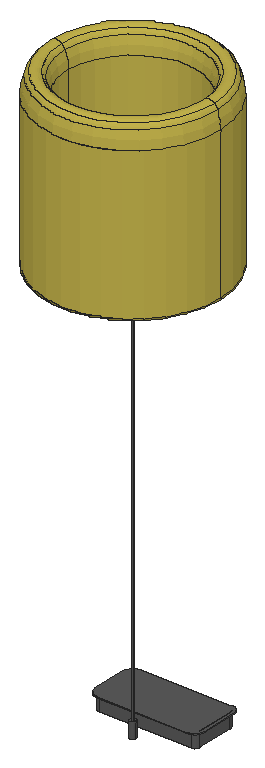
Revit family "Haworth_BuzziProp_Pendant", category Lighting Fixtures, host Face, Revit 2018
Family settings
  Host = Face
  Round Connector Dimension = Use Diameter
  Part Type = Normal
  Cut with Voids When Loaded = No
  Light Source = No
  Shared = No
  Room Calculation Point = No
Parameters (values of type "HCBZ-PRP")
  Warranty = "http://www.haworth.com/resources/product-info/warranties"
  Upholstery Finish [instance] = Haworth _ Fabric _ BFA_ Yellow BFA-24
  URL - Product = "https://www.haworth.com/products/lighting/acoustic/buzziprop"
  URL = "http://www.haworth.com/our-brands/haworth-collection"
  Trim Finish = Haworth _ Paint _ Collection Black
  Revision = "1"  # constant formula
  Note = "Verify Final Dim. w/ Haworth"  # constant formula
  Model = "HCBZ-PRP"  # constant formula
  Min. Cable Length = 10.00"  # constant formula
  Max. Cable Length = 196.85039"  # constant formula
  Manufacturer = "Haworth"  # constant formula
  Glass Finish = Haworth _ Glass _ Frosted
  Description = "Haworth BuzziProp LED Pendant Light"  # constant formula
  Default Elevation = 0.00"
  Cable Length [instance] = 41.00"
  Cable Finish [instance] = Haworth _ Paint _ Collection Black
  Author = "Haworth (Alias)"  # constant formula
  Assembly Code = "E2020200"
  Actual Width = 17.72"  # constant formula
  Actual Height = 17.72"  # constant formula
  Actual Depth = 17.72"  # constant formula
  Actual Cable Length [instance] = if(Cable Length > Max. Cable Length, Max. Cable Length, if(Cable Length < Min. Cable Length, Min. Cable Length, Cable Length))  # 41.00"
Reference planes (in)
  plane 1 "Center (Front/Back)": y = 0
  plane 2: z = 0
  plane 3 "Center (Left/Right)": x = 0
  plane 4 "Left": x = -8.86
  plane 5 "Right": x = 8.86
  plane 6 "Back": y = 8.86
  plane 7 "Front": y = -8.86
  plane 8 "Support Bottom": z = 1.51604
  plane 9 "Shade Bottom": z = 42.51604
  plane 10: z = 42.43771
  plane 11: y = 6.30044
  plane 12: y = 1.57511
  plane 13: x = -5.11911
  plane 14: x = 5.11911
  plane 15: z = 1.45698
Forms (in)
  Extrusion 1, solid, material "Haworth _ Paint _ Collection Black" <- "Trim Finish"
    sketch origin (0, 0, 0) x (1, 0, 0) y (0, 1, 0)
      loop
        circle (0, 0) r 0.29167
    from 0 to 1.51604
  Extrusion 2, solid, material "Haworth _ Paint _ Collection Black" <- "Cable Finish"
    sketch origin (0, 0, 0) x (1, 0, 0) y (0, 1, 0)
      loop
        circle (0, 0) r 0.07926
    from 1.51604 to 42.51604
  Extrusion 3, solid, material "Haworth _ Paint _ Collection Black" <- "Trim Finish"
    sketch origin (0, 0, 0) x (1, 0, 0) y (0, 1, 0)
      loop
        arc (-4.61911, 6.30044) -> (-4.97266, 6.154) -> (-5.11911, 5.80044) r 0.5
        line (-5.11911, 5.80044) -> (-5.11911, 2.07511)
        arc (-5.11911, 2.07511) -> (-4.97266, 1.72156) -> (-4.61911, 1.57511) r 0.5
        line (-4.61911, 1.57511) -> (4.61911, 1.57511)
        arc (4.61911, 1.57511) -> (4.97266, 1.72156) -> (5.11911, 2.07511) r 0.5
        line (5.11911, 2.07511) -> (5.11911, 5.80044)
        arc (5.11911, 5.80044) -> (4.97266, 6.154) -> (4.61911, 6.30044) r 0.5
        line (4.61911, 6.30044) -> (-4.61911, 6.30044)
    from 0 to 1.45698
  Extrusion 4, solid, material "Haworth _ Paint _ Collection Black" <- "Trim Finish"
    sketch origin (0, 0, 0) x (1, 0, 0) y (0, 1, 0)
      loop
        arc (-4.51911, 6.70044) -> (-5.22622, 6.40755) -> (-5.51911, 5.70044) r 1
        line (-5.51911, 5.70044) -> (-5.51911, 2.17511)
        arc (-5.51911, 2.17511) -> (-5.22622, 1.468) -> (-4.51911, 1.17511) r 1
        line (-4.51911, 1.17511) -> (4.51911, 1.17511)
        arc (4.51911, 1.17511) -> (5.22622, 1.468) -> (5.51911, 2.17511) r 1
        line (5.51911, 2.17511) -> (5.51911, 5.70044)
        arc (5.51911, 5.70044) -> (5.22622, 6.40755) -> (4.51911, 6.70044) r 1
        line (4.51911, 6.70044) -> (-4.51911, 6.70044)
    from 1.45698 to 1.51604
Dimensions and locks (in)
  "Actual Depth": plane 6 "Back" to plane 7 "Front"
  equal spacing: plane 6 "Back", plane 1 "Center (Front/Back)", plane 7 "Front"
  equal spacing: plane 4 "Left", plane 3 "Center (Left/Right)", plane 5 "Right"
  "Actual Width": plane 4 "Left" to plane 5 "Right"
  "Actual Cable Length": plane 9 "Shade Bottom" to plane 8 "Support Bottom"
  locked: plane 8 "Support Bottom" to plane 15 at 0.05906
  locked: plane 15 to plane 2 at 1.45698
  locked: plane 14 to Extrusion 4 sketch curve at 0.4
  locked: plane 11 to Extrusion 4 sketch curve at 0.4
  locked: Extrusion 4 sketch curve to plane 13 at 0.4
  locked: Extrusion 4 sketch curve to plane 12 at 0.4
  locked: plane 9 "Shade Bottom" to plane 10 at 0.07833
  radius of Extrusion 2 sketch curve = 0.07926"
  aligned and locked: plane 2 to host face
  aligned and locked: level to host face
  aligned and locked: plane 1 "Center (Front/Back)" to Extrusion 1 sketch curve
  aligned and locked: plane 3 "Center (Left/Right)" to Extrusion 1 sketch curve
  aligned and locked: Extrusion 1 to plane 2
  aligned and locked: plane 8 "Support Bottom" to Extrusion 1
  aligned and locked: plane 1 "Center (Front/Back)" to Extrusion 2 sketch curve
  aligned and locked: plane 3 "Center (Left/Right)" to Extrusion 2 sketch curve
  aligned and locked: Extrusion 2 to plane 8 "Support Bottom"
  aligned and locked: plane 9 "Shade Bottom" to Extrusion 2
  aligned and locked: Extrusion 3 sketch curve to plane 13
  aligned and locked: Extrusion 3 sketch curve to plane 14
  aligned and locked: Extrusion 3 sketch curve to plane 12
  aligned and locked: plane 11 to Extrusion 3 sketch curve
  aligned and locked: Extrusion 3 to plane 2
  aligned and locked: plane 15 to Extrusion 3
  aligned and locked: Extrusion 4 to plane 15
  aligned and locked: plane 8 "Support Bottom" to Extrusion 4
  aligned and locked: plane 3 "Center (Left/Right)" to nested 1
  aligned and locked: plane 1 "Center (Front/Back)" to nested 1
  aligned and locked: plane 10 to nested 1
Automatic sketch dimensions
  host sketch curve to host sketch curve = 96.00"  (x2)
  Extrusion 3 sketch curve to plane 13 = 0.50"
  plane 11 to Extrusion 3 sketch curve = 0.50"  (x2)
  Extrusion 3 sketch curve to plane 14 = 0.50"
  Extrusion 4 sketch curve to plane 13 = 0.60"
  Extrusion 4 sketch curve to plane 12 = 0.60"
  plane 11 to Extrusion 4 sketch curve = 0.60"  (x2)
  radius of Extrusion 1 sketch curve = 0.29167"
Nested families (in)
  nested 1: "Haworth_BuzziProp_Pendant_Part" at (0, 0, 42.43771), type "Pendant"
Definition of nested family "Haworth_BuzziProp_Pendant_Part"
  Parameters (values of type "Pendant")
    Wattage = 19 W
    Warranty = "http://www.haworth.com/resources/product-info/warranties"
    built-in parameter 1150110 = 1 (stored number, unit not read)
    Upholstery Finish = none
    URL - Product = "https://www.haworth.com/products/lighting/acoustic/buzziprop"
    URL = "http://www.haworth.com/our-brands/haworth-collection"
    Trim Finish = none
    built-in parameter 1114217 = 1 (stored number, unit not read)
    Tilt Angle = 90.00°
    built-in parameter 1150109 = 1 (stored number, unit not read)
    built-in parameter 1150134 = (empty or 0)
    built-in parameter 1150113 = 1 (stored number, unit not read)
    Size = "Verify Final Dim. w/ Haworth"  # constant formula
    Revision Number = "1"  # constant formula
    Photometric Web File = "generic"
    built-in parameter 1150142 = (empty or 0)
    Model = "HCBZ-PRP"  # constant formula
    Manufacturer = "Haworth"  # constant formula
    built-in parameter 1150105 = 119.45 (stored number, unit not read)
    Lumens = 1501 lm
    built-in parameter 1150115 = 1 (stored number, unit not read)
    built-in parameter 1150137 = (empty or 0)
    built-in parameter 1150139 = (empty or 0)
    built-in parameter 1150112 = 1 (stored number, unit not read)
    built-in parameter 1150114 = 1 (stored number, unit not read)
    built-in parameter 1150132 = (empty or 0)
    built-in parameter 1150102 = (empty or 0)
    built-in parameter 1150107 = 3000 (stored number, unit not read)
    built-in parameter 1150138 = (empty or 0)
    built-in parameter 1150106 = 1.1945 (stored number, unit not read)
    Glass Finish = none
    Emit from Circle Diameter = 24.00"
    Emit Shape Visible in Rendering = no
    built-in parameter 1150104 = 7.3393 (stored number, unit not read)
    Dimming Lamp Color Temperature Shift = (empty or 0)
    Description = "Haworth BuzziProp Pendant - Part"
    Color Filter = 16777215
    built-in parameter 1114218 = 1 (stored number, unit not read)
    Author = "Haworth(Alias)"  # constant formula
    built-in parameter 1150133 = 10 (stored number, unit not read)
    Actual Width = 17.72"  # constant formula
    Actual Height = 17.72"  # constant formula
    Actual Depth = 17.72"  # constant formula
  Reference planes (in)
    plane 1 "Light Source Axis (F/B)": y = 0
    plane 2 "Bottom": z = 0
    plane 3 "Light Source Axis (L/R)": x = 0
    plane 4 "Light Source Elevation": z = 8.97
    plane 5: y = 8.86
    plane 6: y = -8.86
    plane 7: x = 8.86
    plane 8: x = -8.86
    plane 9 "Top": z = 17.72
  Forms (in)
    Revolve 1, solid, material <- "Upholstery Finish"
      sketch origin (0, 0, 0) x (1, 0, 0) y (0, 0, 1)
        loop
          line (8.86742, 0.1906) -> (8.86742, 15.33558)
          arc (8.86742, 15.33558) -> (8.78513, 16.19031) -> (8.54128, 17.01364) r 4.48
          arc (8.54128, 17.01364) -> (8.40073, 17.26722) -> (8.203, 17.47926) r 1.18939
          arc (8.203, 17.47926) -> (7.68238, 17.66875) -> (7.16175, 17.47926) r 0.80994
          arc (7.16175, 17.47926) -> (6.96403, 17.26722) -> (6.82348, 17.01364) r 1.18939
          arc (6.82348, 17.01364) -> (6.57962, 16.19031) -> (6.49733, 15.33558) r 4.48
          line (6.49733, 15.33558) -> (6.49733, 0.40333)
          arc (6.49733, 0.40333) -> (6.55989, 0.25231) -> (6.7109, 0.18976) r 0.21357
          line (6.7109, 0.18976) -> (8.39048, 0.18976) -> (8.39048, 0.14797)
          arc (8.39048, 0.14797) -> (8.43382, 0.04334) -> (8.53845, 0) r 0.14797
          line (8.53845, 0) -> (8.67682, 0)
          arc (8.67682, 0) -> (8.81159, 0.05583) -> (8.86742, 0.1906) r 0.1906
        axis (0, 0) -> (0, 17.47926)
      angle from 0 to 360
    Revolve 2, solid, material <- "Glass Finish"
      sketch origin (0, 0, 0) x (1, 0, 0) y (0, 0, 1)
        loop
          line (0, 2.57882) -> (0.71841, 2.57882)
          arc (0.71841, 2.57882) -> (1.35905, 2.5951) -> (1.99751, 2.6503) r 10.53459
          arc (1.99751, 2.6503) -> (2.0124, 2.66161) -> (2.02629, 2.67413) r 0.22272
          arc (2.02629, 2.67413) -> (2.7351, 5.90643) -> (0, 7.76908) r 2.95451
          line (0, 7.76908) -> (0, 2.57882)
        axis (0, 7.76908) -> (0, 2.57882)
      angle from 0 to 360
    Extrusion 3, solid, material <- "Trim Finish"
      sketch origin (0, 0, 0) x (1, 0, 0) y (0, 1, 0)
        loop
          arc (1.48666, 0.07374) -> (1.46588, 0.25847) -> (1.42223, 0.43917) r 1.48849
          line (1.42223, 0.43917) -> (1.84897, 0.59449) -> (1.86811, 0.62183) -> (1.83076, 0.72445) -> (1.79853, 0.73309) -> (1.37178, 0.57777)
          arc (1.37178, 0.57777) -> (1.28907, 0.74425) -> (1.18625, 0.89912) r 1.48849
          line (1.18625, 0.89912) -> (1.53414, 1.19103) -> (1.54278, 1.22326) -> (1.47258, 1.30692) -> (1.43933, 1.30401) -> (1.09145, 1.0121)
          arc (1.09145, 1.0121) -> (0.95678, 1.14025) -> (0.8072, 1.25062) r 1.48849
          line (0.8072, 1.25062) -> (1.03426, 1.64391) -> (1.03136, 1.67715) -> (0.93678, 1.73175) -> (0.90653, 1.71765) -> (0.67947, 1.32436)
          arc (0.67947, 1.32436) -> (0.50909, 1.39872) -> (0.33078, 1.45127) r 1.48849
          line (0.33078, 1.45127) -> (0.40964, 1.89851) -> (0.39554, 1.92875) -> (0.28799, 1.94771) -> (0.26439, 1.92412) -> (0.18553, 1.47688)
          arc (0.18553, 1.47688) -> (0, 1.48849) -> (-0.18553, 1.47688) r 1.48849
          line (-0.18553, 1.47688) -> (-0.26439, 1.92412) -> (-0.28799, 1.94771) -> (-0.39554, 1.92875) -> (-0.40964, 1.89851) -> (-0.33078, 1.45127)
          arc (-0.33078, 1.45127) -> (-0.50909, 1.39872) -> (-0.67947, 1.32436) r 1.48849
          line (-0.67947, 1.32436) -> (-0.90653, 1.71765) -> (-0.93678, 1.73175) -> (-1.03136, 1.67715) -> (-1.03426, 1.64391) -> (-0.8072, 1.25062)
          arc (-0.8072, 1.25062) -> (-0.95678, 1.14025) -> (-1.09145, 1.0121) r 1.48849
          line (-1.09145, 1.0121) -> (-1.43933, 1.30401) -> (-1.47258, 1.30692) -> (-1.54278, 1.22326) -> (-1.53414, 1.19103) -> (-1.18625, 0.89912)
          arc (-1.18625, 0.89912) -> (-1.28907, 0.74425) -> (-1.37178, 0.57777) r 1.48849
          line (-1.37178, 0.57777) -> (-1.79853, 0.73309) -> (-1.83076, 0.72445) -> (-1.86811, 0.62183) -> (-1.84897, 0.59449) -> (-1.42223, 0.43917)
          arc (-1.42223, 0.43917) -> (-1.46588, 0.25847) -> (-1.48666, 0.07374) r 1.48849
          line (-1.48666, 0.07374) -> (-1.9408, 0.07374) -> (-1.96813, 0.0546) -> (-1.96813, -0.0546) -> (-1.9408, -0.07374) -> (-1.48666, -0.07374)
          arc (-1.48666, -0.07374) -> (-1.46588, -0.25847) -> (-1.42223, -0.43917) r 1.48849
          line (-1.42223, -0.43917) -> (-1.84897, -0.59449) -> (-1.86811, -0.62183) -> (-1.83076, -0.72445) -> (-1.79853, -0.73309) -> (-1.37178, -0.57777)
          arc (-1.37178, -0.57777) -> (-1.28907, -0.74425) -> (-1.18625, -0.89912) r 1.48849
          line (-1.18625, -0.89912) -> (-1.53414, -1.19103) -> (-1.54278, -1.22326) -> (-1.47258, -1.30692) -> (-1.43933, -1.30401) -> (-1.09145, -1.0121)
          arc (-1.09145, -1.0121) -> (-0.95678, -1.14025) -> (-0.8072, -1.25062) r 1.48849
          line (-0.8072, -1.25062) -> (-1.03426, -1.64391) -> (-1.03136, -1.67715) -> (-0.93678, -1.73175) -> (-0.90653, -1.71765) -> (-0.67947, -1.32436)
          arc (-0.67947, -1.32436) -> (-0.50909, -1.39872) -> (-0.33078, -1.45127) r 1.48849
          line (-0.33078, -1.45127) -> (-0.40964, -1.89851) -> (-0.39554, -1.92875) -> (-0.28799, -1.94771) -> (-0.26439, -1.92412) -> (-0.18553, -1.47688)
          arc (-0.18553, -1.47688) -> (0, -1.48849) -> (0.18553, -1.47688) r 1.48849
          line (0.18553, -1.47688) -> (0.26439, -1.92412) -> (0.28799, -1.94771) -> (0.39554, -1.92875) -> (0.40964, -1.89851) -> (0.33078, -1.45127)
          arc (0.33078, -1.45127) -> (0.50909, -1.39872) -> (0.67947, -1.32436) r 1.48849
          line (0.67947, -1.32436) -> (0.90653, -1.71765) -> (0.93678, -1.73175) -> (1.03136, -1.67715) -> (1.03426, -1.64391) -> (0.8072, -1.25062)
          arc (0.8072, -1.25062) -> (0.95678, -1.14025) -> (1.09145, -1.0121) r 1.48849
          line (1.09145, -1.0121) -> (1.43933, -1.30401) -> (1.47258, -1.30692) -> (1.54278, -1.22326) -> (1.53414, -1.19103) -> (1.18625, -0.89912)
          arc (1.18625, -0.89912) -> (1.28907, -0.74425) -> (1.37178, -0.57777) r 1.48849
          line (1.37178, -0.57777) -> (1.79853, -0.73309) -> (1.83076, -0.72445) -> (1.86811, -0.62183) -> (1.84897, -0.59449) -> (1.42223, -0.43917)
          arc (1.42223, -0.43917) -> (1.46588, -0.25847) -> (1.48666, -0.07374) r 1.48849
          line (1.48666, -0.07374) -> (1.9408, -0.07374) -> (1.96813, -0.0546) -> (1.96813, 0.0546) -> (1.9408, 0.07374) -> (1.48666, 0.07374)
      from 0.19647 to 2.57882
    Extrusion 4, solid, material <- "Trim Finish"
      sketch origin (0, 0, 0) x (1, 0, 0) y (0, 1, 0)
        loop
          arc (-5.88759, 2.03494) -> (-6.22093, 2.05778) -> (-6.44345, 1.80854) r 0.38
          arc (-6.44345, 1.80854) -> (-5.79588, -3.34616) -> (-1.65564, -6.48443) r 6.69245
          arc (-1.65564, -6.48443) -> (-1.32853, -6.41634) -> (-1.18163, -6.11624) r 0.38
          line (-1.18163, -6.11624) -> (-1.18163, -1.77617)
          arc (-1.18163, -1.77617) -> (-1.21836, -1.60229) -> (-1.32226, -1.45811) r 0.43
          arc (-1.32226, -1.45811) -> (-1.70451, -0.98364) -> (-1.92447, -0.41543) r 1.98081
          arc (-1.92447, -0.41543) -> (-1.99739, -0.25344) -> (-2.12958, -0.13475) r 0.43
          line (-2.12958, -0.13475) -> (-5.88759, 2.03494)
        loop
          arc (-0.97462, 1.92661) -> (-0.78091, 1.8628) -> (-0.57784, 1.88165) r 0.5
          arc (-0.57784, 1.88165) -> (-0.40933, 1.92535) -> (-0.23762, 1.95398) r 1.96838
          arc (-0.23762, 1.95398) -> (-0.17492, 1.93445) -> (-0.14797, 1.87457) r 0.08
          line (-0.14797, 1.87457) -> (-0.14797, 0.72537)
          arc (-0.14797, 0.72537) -> (-0.0003, 0.57771) -> (0.14737, 0.72537) r 0.14767
          line (0.14737, 0.72537) -> (0.14737, 1.87017)
          arc (0.14737, 1.87017) -> (0.17572, 1.93308) -> (0.24163, 1.95349) r 0.08396
          arc (0.24163, 1.95349) -> (0.41115, 1.92496) -> (0.57753, 1.88175) r 1.96838
          arc (0.57753, 1.88175) -> (0.78056, 1.86293) -> (0.97423, 1.92673) r 0.5
          line (0.97423, 1.92673) -> (4.72493, 4.0922)
          arc (4.72493, 4.0922) -> (4.91133, 4.36908) -> (4.80732, 4.68625) r 0.38
          arc (4.80732, 4.68625) -> (0.00439, 6.71233) -> (-4.79512, 4.67813) r 6.69245
          arc (-4.79512, 4.67813) -> (-4.89863, 4.36111) -> (-4.71228, 4.08455) r 0.38
          line (-4.71228, 4.08455) -> (-0.97462, 1.92661)
        loop
          arc (2.12966, -0.13435) -> (1.99746, -0.25307) -> (1.92454, -0.4151) r 0.43
          arc (1.92454, -0.4151) -> (1.70428, -0.98403) -> (1.32133, -1.45895) r 1.98081
          arc (1.32133, -1.45895) -> (1.21767, -1.60265) -> (1.18103, -1.776) r 0.42839
          line (1.18103, -1.776) -> (1.18103, -6.11605)
          arc (1.18103, -6.11605) -> (1.32802, -6.41636) -> (1.65535, -6.4845) r 0.38026
          arc (1.65535, -6.4845) -> (5.79588, -3.34614) -> (6.44337, 1.80886) r 6.69245
          arc (6.44337, 1.80886) -> (6.22084, 2.05808) -> (5.88751, 2.03524) r 0.38
          line (5.88751, 2.03524) -> (2.12966, -0.13435)
        loop
          circle (0, 0) r 8.39048
      from 0.07833 to 0.19647
  Lines and regions (in)
    Masking region 1, detail levels medium+fine
      outline origin (0, 0, 0) x (1, 0, 0) y (0, 1, 0)
        loop
          arc (-5.88759, 2.03494) -> (-6.22093, 2.05778) -> (-6.44345, 1.80854) r 0.38
          arc (-6.44345, 1.80854) -> (-5.79588, -3.34616) -> (-1.65564, -6.48443) r 6.69245
          arc (-1.65564, -6.48443) -> (-1.32853, -6.41634) -> (-1.18163, -6.11624) r 0.38
          line (-1.18163, -6.11624) -> (-1.18163, -1.77617)
          arc (-1.18163, -1.77617) -> (-1.21836, -1.60229) -> (-1.32226, -1.45811) r 0.43
          arc (-1.32226, -1.45811) -> (-1.70451, -0.98364) -> (-1.92447, -0.41543) r 1.98081
          arc (-1.92447, -0.41543) -> (-1.99739, -0.25344) -> (-2.12958, -0.13475) r 0.43
          line (-2.12958, -0.13475) -> (-5.88759, 2.03494)
        loop
          arc (-0.97462, 1.92661) -> (-0.78091, 1.8628) -> (-0.57784, 1.88165) r 0.5
          arc (-0.57784, 1.88165) -> (-0.40933, 1.92535) -> (-0.23762, 1.95398) r 1.96838
          arc (-0.23762, 1.95398) -> (-0.17492, 1.93445) -> (-0.14797, 1.87457) r 0.08
          line (-0.14797, 1.87457) -> (-0.14797, 0.72537)
          arc (-0.14797, 0.72537) -> (-0.0003, 0.57771) -> (0.14737, 0.72537) r 0.14767
          line (0.14737, 0.72537) -> (0.14737, 1.87017)
          arc (0.14737, 1.87017) -> (0.17572, 1.93308) -> (0.24163, 1.95349) r 0.08396
          arc (0.24163, 1.95349) -> (0.41115, 1.92496) -> (0.57753, 1.88175) r 1.96838
          arc (0.57753, 1.88175) -> (0.78056, 1.86293) -> (0.97423, 1.92673) r 0.5
          line (0.97423, 1.92673) -> (4.72493, 4.0922)
          arc (4.72493, 4.0922) -> (4.91133, 4.36908) -> (4.80732, 4.68625) r 0.38
          arc (4.80732, 4.68625) -> (0.00439, 6.71233) -> (-4.79512, 4.67813) r 6.69245
          arc (-4.79512, 4.67813) -> (-4.89863, 4.36111) -> (-4.71228, 4.08455) r 0.38
          line (-4.71228, 4.08455) -> (-0.97462, 1.92661)
        loop
          arc (2.12966, -0.13435) -> (1.99746, -0.25307) -> (1.92454, -0.4151) r 0.43
          arc (1.92454, -0.4151) -> (1.70428, -0.98403) -> (1.32133, -1.45895) r 1.98081
          arc (1.32133, -1.45895) -> (1.21767, -1.60265) -> (1.18103, -1.776) r 0.42839
          line (1.18103, -1.776) -> (1.18103, -6.11605)
          arc (1.18103, -6.11605) -> (1.32802, -6.41636) -> (1.65535, -6.4845) r 0.38026
          arc (1.65535, -6.4845) -> (5.79588, -3.34614) -> (6.44337, 1.80886) r 6.69245
          arc (6.44337, 1.80886) -> (6.22084, 2.05808) -> (5.88751, 2.03524) r 0.38
          line (5.88751, 2.03524) -> (2.12966, -0.13435)
        loop
          circle (0, 0) r 8.39048
        loop
          circle (0, 0) r 8.86
    Masking region 2
      outline origin (0, 0, 0) x (1, 0, 0) y (0, 1, 0)
        loop
          circle (0, 0) r 8.86
  Dimensions and locks (in)
    "Actual Depth": plane 5 to plane 6
    "Actual Width": plane 8 to plane 7
    equal spacing: plane 6, plane 1 "Light Source Axis (F/B)", plane 5
    equal spacing: plane 8, plane 3 "Light Source Axis (L/R)", plane 7
    "Actual Height": plane 9 "Top" to plane 2 "Bottom"
    locked: plane 9 "Top" to plane 4 "Light Source Elevation" at 8.75
    aligned and locked: level to plane 2 "Bottom"
    aligned and locked: imposter light to plane 1 "Light Source Axis (F/B)"
    aligned and locked: imposter light to plane 4 "Light Source Elevation"
  Automatic sketch dimensions
    Masking region 1 sketch curve to Masking region 1 sketch curve = 0.00"  (x37)
    plane 1 "Light Source Axis (F/B)" to Masking region 1 sketch curve = 0.00"
    Masking region 1 sketch curve to plane 3 "Light Source Axis (L/R)" = 0.00"
    Masking region 1 sketch curve to plane 3 "Light Source Axis (L/R)" = 0.0003"
    Masking region 1 sketch curve to plane 3 "Light Source Axis (L/R)" = 0.01076"
    Masking region 1 sketch curve to Masking region 1 sketch curve = 0.14767"
    Masking region 1 sketch curve to Masking region 1 sketch curve = 0.08"
    Masking region 1 sketch curve to Masking region 1 sketch curve = 0.49665"
    Masking region 1 sketch curve to Masking region 1 sketch curve = 0.25"  (x2)
    Masking region 1 sketch curve to plane 3 "Light Source Axis (L/R)" = 1.18163"
    Masking region 1 sketch curve to Masking region 1 sketch curve = 0.38"
    Masking region 1 sketch curve to Masking region 1 sketch curve = 0.43"
    plane 1 "Light Source Axis (F/B)" to Masking region 1 sketch curve = 0.13475"
    Masking region 1 sketch curve to Masking region 1 sketch curve = 0.51794"
    Masking region 1 sketch curve to Masking region 1 sketch curve = 0.215"  (x2)
    Masking region 1 sketch curve to Masking region 1 sketch curve = 3.79766"
    Masking region 1 sketch curve to Masking region 1 sketch curve = 0.19"  (x4)
    Masking region 1 sketch curve to Masking region 1 sketch curve = 1.17531"
    plane 3 "Light Source Axis (L/R)" to Masking region 1 sketch curve = 0.01004"
    plane 3 "Light Source Axis (L/R)" to Masking region 1 sketch curve = 0.01076"
    Masking region 1 sketch curve to Masking region 1 sketch curve = 0.08396"
    Masking region 1 sketch curve to Masking region 1 sketch curve = 0.4929"
    plane 3 "Light Source Axis (L/R)" to Masking region 1 sketch curve = 1.18103"
    Masking region 1 sketch curve to Masking region 1 sketch curve = 0.38026"
    Masking region 1 sketch curve to Masking region 1 sketch curve = 0.42839"
    plane 1 "Light Source Axis (F/B)" to Masking region 1 sketch curve = 0.13435"
    Masking region 1 sketch curve to Masking region 1 sketch curve = 0.52024"
    Masking region 1 sketch curve to plane 7 = 4.32507"
    Masking region 1 sketch curve to Masking region 1 sketch curve = 1.16258"
    Masking region 1 sketch curve to Masking region 1 sketch curve = 0.37239"  (x2)
    Masking region 1 sketch curve to Masking region 1 sketch curve = 1.26926"
    Masking region 1 sketch curve to Masking region 1 sketch curve = 1.26903"
    Masking region 1 sketch curve to plane 6 = 2.74395"
    Masking region 1 sketch curve to Masking region 1 sketch curve = 0.00019"
    Masking region 1 sketch curve to plane 1 "Light Source Axis (F/B)" = 0.00704"  (x2)
    Masking region 1 sketch curve to Masking region 1 sketch curve = 0.01284"
    Masking region 1 sketch curve to Masking region 1 sketch curve = 0.7055"
    Masking region 1 sketch curve to plane 1 "Light Source Axis (F/B)" = 1.70585"
    Masking region 1 sketch curve to plane 1 "Light Source Axis (F/B)" = 1.70615"
    Masking region 1 sketch curve to Masking region 1 sketch curve = 1.1448"
    Masking region 1 sketch curve to Masking region 1 sketch curve = 0.0044"
    Masking region 1 sketch curve to Masking region 1 sketch curve = 0.02737"
    Masking region 1 sketch curve to Masking region 1 sketch curve = 0.02676"
    Masking region 1 sketch curve to Masking region 1 sketch curve = 0.32909"  (x4)
    Masking region 1 sketch curve to Masking region 1 sketch curve = 0.43301"  (x2)
    Masking region 1 sketch curve to Masking region 1 sketch curve = 2.0496"
    Masking region 1 sketch curve to Masking region 1 sketch curve = 2.05696"
    Revolve 1 sketch curve to plane 3 "Light Source Axis (L/R)" = 0.00"
    Revolve 1 sketch curve to level = 0.00"
    Revolve 1 sketch curve to plane 9 "Top" = 2.38442"
    plane 3 "Light Source Axis (L/R)" to Revolve 1 sketch curve = 4.38742"
    Revolve 1 sketch curve to Revolve 1 sketch curve = 2.10991"  (x2)
    Revolve 1 sketch curve to Revolve 1 sketch curve = 0.21357"
    Revolve 1 sketch curve to plane 7 = 1.42153"
    Revolve 1 sketch curve to Revolve 1 sketch curve = 0.24391"  (x2)
    Revolve 1 sketch curve to plane 7 = 0.46952"
    level to Revolve 1 sketch curve = 0.14797"
    Revolve 1 sketch curve to Revolve 1 sketch curve = 0.13837"
    plane 7 to Revolve 1 sketch curve = 0.00742"
    Revolve 1 sketch curve to Revolve 1 sketch curve = 0.04179"
    Revolve 1 sketch curve to Revolve 1 sketch curve = 0.00"  (x5)
    Revolve 1 sketch curve to plane 9 "Top" = 1.15187"
    Revolve 1 sketch curve to Revolve 1 sketch curve = 0.29068"
    Revolve 1 sketch curve to level = 3.31024"
    plane 9 "Top" to Revolve 1 sketch curve = 0.21976"
    Revolve 2 sketch curve to plane 3 "Light Source Axis (L/R)" = 0.00"  (x2)
    Revolve 2 sketch curve to plane 3 "Light Source Axis (L/R)" = 0.01026"
    plane 3 "Light Source Axis (L/R)" to Revolve 2 sketch curve = 0.71841"
    plane 3 "Light Source Axis (L/R)" to Revolve 2 sketch curve = 0.77126"
    Revolve 2 sketch curve to Revolve 2 sketch curve = 1.15194"
    level to Revolve 2 sketch curve = 2.57882"
    Revolve 2 sketch curve to Revolve 2 sketch curve = 0.25434"
    Revolve 2 sketch curve to Revolve 2 sketch curve = 2.23577"
    plane 4 "Light Source Elevation" to Revolve 2 sketch curve = 1.20092"
    Revolve 2 sketch curve to plane 4 "Light Source Elevation" = 4.14328"
    Revolve 2 sketch curve to Revolve 2 sketch curve = 0.12716"
    Revolve 2 sketch curve to level = 4.42118"
    Revolve 2 sketch curve to Revolve 2 sketch curve = 0.53445"
    Extrusion 3 sketch curve to Extrusion 3 sketch curve = 0.00"  (x308)
    plane 1 "Light Source Axis (F/B)" to Extrusion 3 sketch curve = 0.00"
    Extrusion 3 sketch curve to plane 3 "Light Source Axis (L/R)" = 0.00"
    Extrusion 3 sketch curve to plane 3 "Light Source Axis (L/R)" = 0.18553"  (x2)
    Extrusion 3 sketch curve to plane 3 "Light Source Axis (L/R)" = 0.26439"  (x2)
    Extrusion 3 sketch curve to Extrusion 3 sketch curve = 0.0236"  (x8)
    Extrusion 3 sketch curve to Extrusion 3 sketch curve = 0.14525"  (x4)
    Extrusion 3 sketch curve to Extrusion 3 sketch curve = 0.10755"  (x4)
    Extrusion 3 sketch curve to Extrusion 3 sketch curve = 0.0141"  (x8)
    Extrusion 3 sketch curve to Extrusion 3 sketch curve = 0.34869"  (x4)
    Extrusion 3 sketch curve to Extrusion 3 sketch curve = 0.12773"  (x4)
    Extrusion 3 sketch curve to Extrusion 3 sketch curve = 0.22707"  (x4)
    Extrusion 3 sketch curve to Extrusion 3 sketch curve = 0.03024"  (x8)
    Extrusion 3 sketch curve to Extrusion 3 sketch curve = 0.09458"  (x4)
    Extrusion 3 sketch curve to Extrusion 3 sketch curve = 0.00291"  (x8)
    Extrusion 3 sketch curve to Extrusion 3 sketch curve = 0.28425"  (x4)
    Extrusion 3 sketch curve to Extrusion 3 sketch curve = 0.0948"  (x4)
    Extrusion 3 sketch curve to plane 1 "Light Source Axis (F/B)" = 0.57777"  (x2)
    Extrusion 3 sketch curve to Extrusion 3 sketch curve = 0.18553"  (x4)
    plane 1 "Light Source Axis (F/B)" to Extrusion 3 sketch curve = 0.57777"  (x2)
    plane 1 "Light Source Axis (F/B)" to Extrusion 3 sketch curve = 0.43917"  (x2)
    Extrusion 3 sketch curve to Extrusion 3 sketch curve = 0.05044"  (x4)
    Extrusion 3 sketch curve to plane 1 "Light Source Axis (F/B)" = 0.43917"  (x2)
    Extrusion 3 sketch curve to Extrusion 3 sketch curve = 0.34789"  (x4)
    Extrusion 3 sketch curve to Extrusion 3 sketch curve = 0.03324"  (x8)
    plane 1 "Light Source Axis (F/B)" to Extrusion 3 sketch curve = 0.07374"  (x2)
    Extrusion 3 sketch curve to plane 1 "Light Source Axis (F/B)" = 0.07374"  (x2)
    Extrusion 3 sketch curve to Extrusion 3 sketch curve = 0.06156"  (x4)
    Extrusion 3 sketch curve to Extrusion 3 sketch curve = 0.00864"  (x4)
    plane 1 "Light Source Axis (F/B)" to Extrusion 3 sketch curve = 0.73309"  (x2)
    Extrusion 3 sketch curve to Extrusion 3 sketch curve = 0.42675"  (x4)
    Extrusion 3 sketch curve to plane 1 "Light Source Axis (F/B)" = 0.73309"  (x2)
    plane 1 "Light Source Axis (F/B)" to Extrusion 3 sketch curve = 0.72445"  (x2)
    Extrusion 3 sketch curve to Extrusion 3 sketch curve = 0.03223"  (x8)
    Extrusion 3 sketch curve to plane 1 "Light Source Axis (F/B)" = 0.72445"  (x2)
    Extrusion 3 sketch curve to plane 1 "Light Source Axis (F/B)" = 0.59449"  (x2)
    Extrusion 3 sketch curve to Extrusion 3 sketch curve = 0.01821"  (x4)
    plane 1 "Light Source Axis (F/B)" to Extrusion 3 sketch curve = 0.59449"  (x2)
    Extrusion 3 sketch curve to plane 1 "Light Source Axis (F/B)" = 0.62183"  (x2)
    Extrusion 3 sketch curve to Extrusion 3 sketch curve = 0.01914"  (x7)
    plane 1 "Light Source Axis (F/B)" to Extrusion 3 sketch curve = 0.62183"  (x2)
    Extrusion 3 sketch curve to Extrusion 3 sketch curve = 0.45413"  (x2)
    Extrusion 3 sketch curve to plane 1 "Light Source Axis (F/B)" = 0.0546"
    Extrusion 3 sketch curve to Extrusion 3 sketch curve = 0.02733"  (x2)
    plane 3 "Light Source Axis (L/R)" to Extrusion 3 sketch curve = 0.18553"  (x2)
    plane 3 "Light Source Axis (L/R)" to Extrusion 3 sketch curve = 0.26439"  (x2)
    Extrusion 3 sketch curve to Extrusion 3 sketch curve = 0.11298"  (x4)
    Extrusion 3 sketch curve to Extrusion 3 sketch curve = 0.29191"  (x4)
    Extrusion 3 sketch curve to Extrusion 3 sketch curve = 0.08075"  (x4)
    Extrusion 3 sketch curve to Extrusion 3 sketch curve = 0.07374"  (x4)
    Extrusion 3 sketch curve to Extrusion 3 sketch curve = 0.02561"  (x6)
    Extrusion 3 sketch curve to Extrusion 3 sketch curve = 0.39329"  (x4)
    Extrusion 3 sketch curve to Extrusion 3 sketch curve = 0.0405"  (x4)
    Extrusion 3 sketch curve to Extrusion 3 sketch curve = 0.44723"  (x4)
    Extrusion 4 sketch curve to Extrusion 4 sketch curve = 0.00"  (x27)
    plane 1 "Light Source Axis (F/B)" to Extrusion 4 sketch curve = 0.00"
    Extrusion 4 sketch curve to plane 3 "Light Source Axis (L/R)" = 0.00"
    Extrusion 4 sketch curve to plane 3 "Light Source Axis (L/R)" = 0.0003"
    Extrusion 4 sketch curve to plane 3 "Light Source Axis (L/R)" = 0.01076"
    Extrusion 4 sketch curve to plane 3 "Light Source Axis (L/R)" = 0.14797"
    Extrusion 4 sketch curve to Extrusion 4 sketch curve = 0.08"
    Extrusion 4 sketch curve to Extrusion 4 sketch curve = 0.49665"
    Extrusion 4 sketch curve to Extrusion 4 sketch curve = 0.25"  (x2)
    Extrusion 4 sketch curve to plane 3 "Light Source Axis (L/R)" = 1.18163"
    Extrusion 4 sketch curve to Extrusion 4 sketch curve = 0.38"
    Extrusion 4 sketch curve to Extrusion 4 sketch curve = 0.43"
    plane 1 "Light Source Axis (F/B)" to Extrusion 4 sketch curve = 0.13475"
    Extrusion 4 sketch curve to Extrusion 4 sketch curve = 0.51794"
    Extrusion 4 sketch curve to Extrusion 4 sketch curve = 0.215"  (x2)
    Extrusion 4 sketch curve to Extrusion 4 sketch curve = 3.79766"
    Extrusion 4 sketch curve to Extrusion 4 sketch curve = 0.19"  (x4)
    Extrusion 4 sketch curve to Extrusion 4 sketch curve = 1.17531"
    plane 3 "Light Source Axis (L/R)" to Extrusion 4 sketch curve = 0.01004"
    plane 3 "Light Source Axis (L/R)" to Extrusion 4 sketch curve = 0.01076"
    Extrusion 4 sketch curve to Extrusion 4 sketch curve = 0.08396"
    Extrusion 4 sketch curve to Extrusion 4 sketch curve = 0.4929"
    plane 3 "Light Source Axis (L/R)" to Extrusion 4 sketch curve = 1.18103"
    Extrusion 4 sketch curve to Extrusion 4 sketch curve = 0.38026"
    Extrusion 4 sketch curve to Extrusion 4 sketch curve = 0.42839"
    plane 1 "Light Source Axis (F/B)" to Extrusion 4 sketch curve = 0.13435"
    Extrusion 4 sketch curve to Extrusion 4 sketch curve = 0.52024"
    Extrusion 4 sketch curve to plane 7 = 4.32507"
    Extrusion 4 sketch curve to Extrusion 4 sketch curve = 1.16258"
    Extrusion 4 sketch curve to Extrusion 4 sketch curve = 0.37239"  (x2)
    Extrusion 4 sketch curve to Extrusion 4 sketch curve = 1.26926"
    Extrusion 4 sketch curve to Extrusion 4 sketch curve = 1.26903"
    Extrusion 4 sketch curve to plane 6 = 2.74395"
    Extrusion 4 sketch curve to Extrusion 4 sketch curve = 0.00019"
    Extrusion 4 sketch curve to plane 1 "Light Source Axis (F/B)" = 0.00704"  (x2)
    Extrusion 4 sketch curve to Extrusion 4 sketch curve = 0.01284"
    Extrusion 4 sketch curve to Extrusion 4 sketch curve = 0.7055"
    Extrusion 4 sketch curve to plane 1 "Light Source Axis (F/B)" = 1.70585"
    Extrusion 4 sketch curve to plane 1 "Light Source Axis (F/B)" = 1.70615"
    Extrusion 4 sketch curve to Extrusion 4 sketch curve = 1.1448"
    Extrusion 4 sketch curve to Extrusion 4 sketch curve = 0.0044"
    Extrusion 4 sketch curve to Extrusion 4 sketch curve = 0.02737"
    Extrusion 4 sketch curve to Extrusion 4 sketch curve = 0.02676"
    Extrusion 4 sketch curve to Extrusion 4 sketch curve = 0.32909"  (x4)
    Extrusion 4 sketch curve to Extrusion 4 sketch curve = 0.43301"  (x2)
    Extrusion 4 sketch curve to Extrusion 4 sketch curve = 2.0496"
    Extrusion 4 sketch curve to Extrusion 4 sketch curve = 2.05696"
    plane 1 "Light Source Axis (F/B)" to Masking region 2 sketch curve = 0.00"
    Masking region 2 sketch curve to plane 3 "Light Source Axis (L/R)" = 0.00"
    radius of Masking region 1 sketch curve = 8.39048"
    radius of Masking region 1 sketch curve = 8.86"
    radius of Extrusion 4 sketch curve = 8.39048"
    radius of Masking region 2 sketch curve = 8.86"
